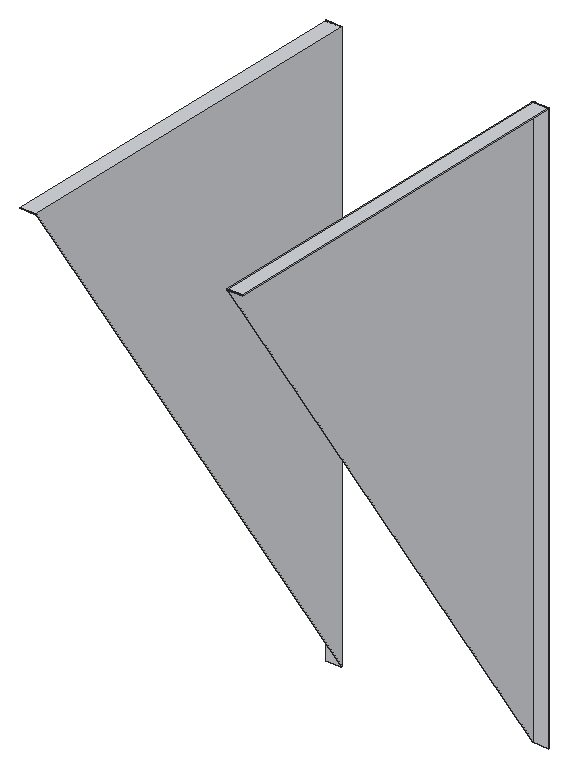
Revit family "tri_duct_brackets", category Generic Models, Revit 2024
Family settings
  Can host rebar = No
  Round Connector Dimension = Use Diameter
  Part Type = Normal
  Work Plane-Based = No
  Always vertical = Yes
  Cut with Voids When Loaded = No
  Maintain Annotation Orientation = No
  Shared = No
  Room Calculation Point = No
Parameters
  Heigth [instance] = 6' - 0"
  FlangeWidth = 0' - 2"
  DuctWidth [instance] = 2' - 0"
  Default Elevation = 0' - 0"
  CantLength [instance] = 4' - 0"
Reference planes (in)
  plane 1 "Center (Front/Back)": y = 0
  plane 2: z = 0
  plane 3 "Center (Left/Right)": x = 0
  plane 4: x = -12
  plane 5: x = 12
  plane 6: x = -10
  plane 7: x = 14
  plane 8: y = -48
  plane 9: z = -72
Dimensions and locks (in)
  equal spacing: plane 4, plane 3 "Center (Left/Right)", plane 5
  "DuctWidth": plane 4 to plane 5
  "FlangeWidth": plane 4 to plane 6
  "FlangeWidth": plane 5 to plane 7
  "CantLength": plane 1 "Center (Front/Back)" to plane 8
  "Heigth": level to plane 9
  aligned and locked: plane 2 to level
  aligned and locked: nested 1 to plane 4
  aligned and locked: nested 2 to plane 5
  aligned and locked: nested 1 to plane 1 "Center (Front/Back)"
  aligned and locked: plane 1 "Center (Front/Back)" to nested 2
  aligned and locked: nested 1 to level
  aligned and locked: level to nested 2
Nested families (in)
  nested 1: "bracket_triangle" at (-12, 0, -36) x (-1, 0, 0) z (0, -1, 0), FlangeLenth <- "FlangeWidth", Heigth <- "CantLength", Width <- "Heigth", type "bracket_triangle"
    with Width 6' - 0", Thickness 0' - 0 1/16", Heigth 4' - 0", FlangeLenth 0' - 2"
  nested 2: "bracket_triangle" at (12, 0, -36) x (1, 0, 0) z (0, -1, 0), FlangeLenth <- "FlangeWidth", Heigth <- "CantLength", Width <- "Heigth", type "bracket_triangle"
    with Width 6' - 0", Thickness 0' - 0 1/16", Heigth 4' - 0", FlangeLenth 0' - 2"
Definition of nested family "bracket_triangle"
  Parameters (values of type "bracket_triangle")
    Width [instance] = 2' - 0"
    Thickness [instance] = 0' - 0 1/16"
    Heigth [instance] = 3' - 0"
    FlangeLenth [instance] = 0' - 3"
    Default Elevation = 4' - 0"
  Reference planes (in)
    plane 1 "Center (Front/Back)": y = 0
    plane 2: z = 0
    plane 3 "Center (Left/Right)": x = 0
    plane 4: z = 36
    plane 5: y = 12
    plane 6: y = -12
    plane 7: x = 3
    plane 8: x = 3
    plane 9: x = -4.24863
    plane 10: x = 7.75
  Forms (in)
    Extrusion 1, solid
      sketch origin (0, 0, 0) x (1, 0, 0) y (0, 1, 0)
        loop
          line (-48, 48) -> (-48, -48) -> (48, -48) -> (48, 48) -> (-48, 48)
      from 0 to -12
    Extrusion 2, solid
      sketch origin (0, 0, 0) x (1, 0, 0) y (0, 1, 0)
        loop
          line (0.03125, 12) -> (0.03125, -12) -> (3, -12) -> (3, 12) -> (0.03125, 12)
      from 0 to 0.0625 <- "Thickness"
    Extrusion 3, solid
      sketch origin (-9.32947, -12, 48) x (-1, 0, 0) y (0, 0, 1)
        loop
          line (-12.32947, -12) -> (-12.32947, -48) -> (-9.32947, -48) -> (-9.32947, -12) -> (-12.32947, -12)
      from 0 to 0.0625 <- "Thickness"
  Dimensions and locks (in)
    "Heigth": plane 4 to Extrusion 1
    equal spacing: plane 5, plane 1 "Center (Front/Back)", plane 6
    "Width": plane 5 to plane 6
    "FlangeLenth": plane 3 "Center (Left/Right)" to plane 7
    "FlangeLenth": plane 3 "Center (Left/Right)" to plane 8
    aligned and locked: plane 2 to Extrusion 1
    aligned and locked: level to Extrusion 1
    aligned and locked: plane 3 "Center (Left/Right)" to nested 1
    aligned and locked: plane 1 "Center (Front/Back)" to nested 1
    aligned and locked: Extrusion 2 sketch curve to nested 1  (x2)
    aligned and locked: plane 6 to Extrusion 2 sketch curve
    aligned and locked: Extrusion 2 sketch curve to plane 7
    aligned and locked: Extrusion 3 sketch curve to plane 4
    aligned and locked: Extrusion 1 to Extrusion 3 sketch curve
    aligned and locked: plane 3 "Center (Left/Right)" to Extrusion 3 sketch curve
  Automatic sketch dimensions
    Extrusion 1 sketch curve to Extrusion 1 sketch curve = 8' - 0"  (x2)
    plane 8 to Extrusion 3 sketch curve = 0' - 0"
  Nested families (in)
    nested 1: "sm_triangle" at (0, 0, 0), length <- "Heigth", width <- "Width", thickness <- "Thickness", type "sm_triangle"
      with width 2' - 0", thickness 0' - 0 1/16", length 3' - 0"
  Definition of nested family "sm_triangle"
    Parameters (values of type "sm_triangle")
      width [instance] = 1' - 0"
      thickness [instance] = 0' - 0 1/16"
      material = none
      length [instance] = 3' - 0"
      Default Elevation = 4' - 0"
    Reference planes (in)
      plane 1 "Center (Front/Back)": y = 0
      plane 2: z = 0
      plane 3 "Center (Left/Right)": x = 0
      plane 4: y = 6
      plane 5: z = 36
      plane 6: y = -6
      plane 7: x = -0.03125
      plane 8: x = 0.03125
    Forms (in)
      Extrusion 1, solid
        sketch origin (0, 0, 0) x (1, 0, 0) y (0, 1, 0)
          loop
            line (-48, 48) -> (-48, -48) -> (48, -48) -> (48, 48) -> (-48, 48)
        from 0 to -12
      Extrusion 2, solid
        sketch origin (-0.03125, 4.47618, 48) x (0, 1, 0) y (0, 0, 1)
          loop
            line (1.52382, -48) -> (-10.47618, -12) -> (-10.47618, -48) -> (1.52382, -48)
        from 0 to 0.0625 <- "thickness"
    Dimensions and locks (in)
      equal spacing: plane 4, plane 1 "Center (Front/Back)", plane 6  (x2)
      "length": plane 5 to Extrusion 1
      "thickness": plane 7 to plane 8
      equal spacing: plane 7, plane 3 "Center (Left/Right)", plane 8
      plane 6 to plane 4 = 1' - 0"
      "width": plane 4 to plane 6
      aligned and locked: plane 2 to Extrusion 1
      aligned and locked: level to Extrusion 1
      aligned and locked: Extrusion 2 sketch curve to plane 6
      aligned and locked: Extrusion 1 to Extrusion 2 sketch curve
      aligned and locked: plane 5 to Extrusion 2 sketch curve
    Automatic sketch dimensions
      Extrusion 1 sketch curve to Extrusion 1 sketch curve = 8' - 0"  (x2)
      Extrusion 2 sketch curve to plane 4 = 0' - 0"
